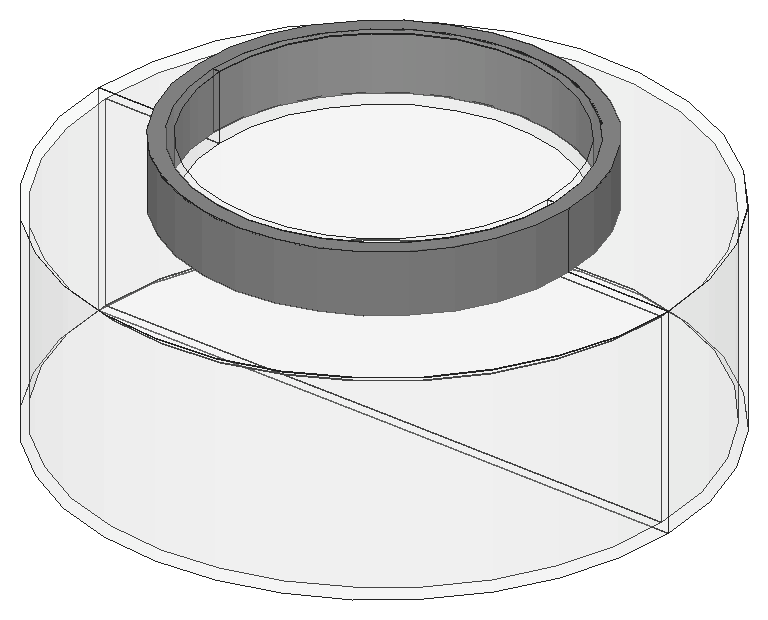
Revit family "b2055fc1b8f24379a45aefca60f8036b", category Lighting Fixtures, host Ceiling, Revit 2021
Family settings
  Host = Ceiling
  Round Connector Dimension = Use Diameter
  Part Type = Normal
  OmniClass Number = 23.80.70.11.11
  OmniClass Title = General Luminaries, Non Directional
  Seek Item ID = Ceiling Light - Flat Round-0000-USA-ENU
  Always vertical = Yes
  Cut with Voids When Loaded = No
  Light Source = Yes
  Shared = No
  Room Calculation Point = No
Parameters (values of type "60W - 277V")
  Wattage Comments = ""
  Wattage = 60 W
  built-in parameter 1150110 = 1 (stored number, unit not read)
  built-in parameter 1114217 = 1 (stored number, unit not read)
  built-in parameter 1150109 = 1 (stored number, unit not read)
  built-in parameter 1150134 = 4
  built-in parameter 1150113 = 1 (stored number, unit not read)
  built-in parameter 1150115 = 1 (stored number, unit not read)
  built-in parameter 1150105 = 272.15 (stored number, unit not read)
  Load Classification = Lighting - Dwelling Unit
  Light Source Symbol Size = 2' - 0"
  built-in parameter 1150137 = 1
  built-in parameter 1150139 = (empty or 0)
  Light Box Material = Steel, Paint Finish, Dark Gray, Matte
  built-in parameter 1150112 = 1 (stored number, unit not read)
  built-in parameter 1150114 = 1 (stored number, unit not read)
  Lamp = "A-19"
  built-in parameter 1150132 = (empty or 0)
  built-in parameter 1150102 = (empty or 0)
  built-in parameter 1150138 = (empty or 0)
  built-in parameter 1150107 = 2800 (stored number, unit not read)
  built-in parameter 1150106 = 2.7215 (stored number, unit not read)
  Emit from Circle Diameter = 0' - 10"
  Emit Shape Visible in Rendering = no
  built-in parameter 1150104 = 1.3239 (stored number, unit not read)
  Dimming Lamp Color Temperature Shift = <None>
  Diffuser Material = Glass, White, High Luminance
  Default Elevation = 0' - 0"
  Color Filter = 16777215
  built-in parameter 1140040 [instance] = 1
  Ballast Voltage = 277 V
  Ballast Number of Poles = 1
  built-in parameter 1114218 = 1 (stored number, unit not read)
  built-in parameter 1150133 = 10 (stored number, unit not read)
  Assembly Code = "D5020220"
  Lumens = 855 lm
  Apparent Load = 60 VA
Types (5): name | Wattage | built-in parameter 1150105 | built-in parameter 1150106 | built-in parameter 1150104 | Ballast Voltage | Lumens | Apparent Load
  (no name) | 60 W | 272.15 (stored number, unit not read) | 2.7215 (stored number, unit not read) | 1.3239 (stored number, unit not read) | 277 V | 855 lm | 60 VA
  60W - 120V | 60 W | 272.15 (stored number, unit not read) | 2.7215 (stored number, unit not read) | 1.3239 (stored number, unit not read) | 120 V | 855 lm | 60 VA
  60W - 277V | 60 W | 272.15 (stored number, unit not read) | 2.7215 (stored number, unit not read) | 1.3239 (stored number, unit not read) | 277 V | 855 lm | 60 VA
  100W - 120V | 100 W | 557.04 (stored number, unit not read) | 5.5704 (stored number, unit not read) | 1.6258 (stored number, unit not read) | 120 V | 1750 lm | 100 VA
  100W - 277V | 100 W | 557.04 (stored number, unit not read) | 5.5704 (stored number, unit not read) | 1.6258 (stored number, unit not read) | 277 V | 1750 lm | 100 VA
Reference planes (in)
  plane 1 "Center (Front/Back)": y = 0
  plane 2 "Ceiling": z = 96
  plane 3 "Center (Left/Right)": x = 0
  plane 4 "Light Source Elevation": z = 94
  plane 5: x = -3
  plane 6: x = -5
  plane 7: z = 91.5
  plane 8: z = 95
Forms (in)
  Revolve 1, solid, material "Glass, White, High Luminance" <- "Diffuser Material"
    sketch origin (0, 0, 0) x (0, 0, -1) y (1, 0, 0)
      loop
        line (-96, -3) -> (-95, -3) -> (-95, -5) -> (-91.5, -5) -> (-91.5, 0) -> (-91.625, 0) -> (-91.625, -4.875) -> (-94.875, -4.875) -> (-94.875, -2.875) -> (-96, -2.875) -> (-96, -3)
      axis (-96, 0) -> (-91.5, 0)
    angle from 0 to 360
  Extrusion 2, solid, material "Steel, Paint Finish, Dark Gray, Matte" <- "Light Box Material"
    sketch origin (0, 0, 96) x (1, 0, 0) y (0, 1, 0)
      loop
        circle (0, 0) r 3.25
      loop
        circle (0, 0) r 3
    from -1 to 0
Lines and regions (in)
  model lines
    curve 1: arc (-2.875, 0, 96) -> (0, 2.875, 96) -> (2.875, 0, 96) r 2.875
    curve 2: arc (2.875, 0, 96) -> (0, -2.875, 96) -> (-2.875, 0, 96) r 2.875
  symbolic lines
    curve 3: arc (0.00785, -4.99999, 0) -> (0, 5, 0) -> (-0.00785, -4.99999, 0) r 5
Dimensions and locks (in)
  equal spacing: host sketch curve, plane 3 "Center (Left/Right)", host sketch curve
  equal spacing: host sketch curve, plane 1 "Center (Front/Back)", host sketch curve
  host sketch curve to host sketch curve = 10' - 0"  (x2)
  plane 2 "Ceiling" to plane 7 = 0' - 4 1/2"
  plane 6 to plane 3 "Center (Left/Right)" = 0' - 5"
  aligned and locked: curve 1 to Revolve 1
  aligned and locked: Revolve 1 to Extrusion 2
  aligned and locked: plane 2 "Ceiling" to Extrusion 2
  aligned and locked: plane 3 "Center (Left/Right)" to imposter light
  aligned and locked: plane 1 "Center (Front/Back)" to imposter light
  aligned and locked: plane 4 "Light Source Elevation" to imposter light
Automatic sketch dimensions
  Revolve 1 sketch curve to plane 3 "Center (Left/Right)" = 0' - 0"  (x2)
  Revolve 1 sketch curve to plane 2 "Ceiling" = 0' - 0"
  Revolve 1 sketch curve to plane 5 = 0' - 0"
  Revolve 1 sketch curve to plane 8 = 0' - 0"
  Revolve 1 sketch curve to plane 7 = 0' - 0"
  Revolve 1 sketch curve to plane 6 = 0' - 0"
  plane 2 "Ceiling" to Revolve 1 sketch curve = 0' - 1"
  plane 8 to Revolve 1 sketch curve = 0' - 0 1/8"
  Revolve 1 sketch curve to plane 7 = 0' - 0 1/8"
  plane 7 to Revolve 1 sketch curve = 0' - 1"
  Revolve 1 sketch curve to plane 6 = 0' - 0 1/8"
  Revolve 1 sketch curve to plane 5 = 0' - 0 1/8"
  Extrusion 2 sketch curve to plane 1 "Center (Front/Back)" = 0' - 0"  (x2)
  Extrusion 2 sketch curve to plane 3 "Center (Left/Right)" = 0' - 0"  (x2)
  Extrusion 2 sketch curve to plane 3 "Center (Left/Right)" = 0' - 3"
  Extrusion 2 sketch curve to Extrusion 2 sketch curve = 0' - 0 1/4"
  curve 3 to plane 1 "Center (Front/Back)" = 0' - 0"
  curve 3 to plane 3 "Center (Left/Right)" = 0' - 0"
  radius of curve 3 = 0' - 5"
Connectors (in)
  electrical at (0, 0, 91.5), driven by "Apparent Load", driven by "Ballast Voltage", driven by "Ballast Number of Poles", driven by "Load Classification"
    settings: on Revolve 1, index 1, voltage 277 V, apparent load 0 VA, apparent load phase1 60 VA, apparent load phase2 0 VA, apparent load phase3 0 VA, power factor 0.95, load classification "Lighting - Dwelling Unit", number of poles 1, system type 31, power factor state 1, is connector primary yes, connector utility no, sub classification motor no, connector description ""
